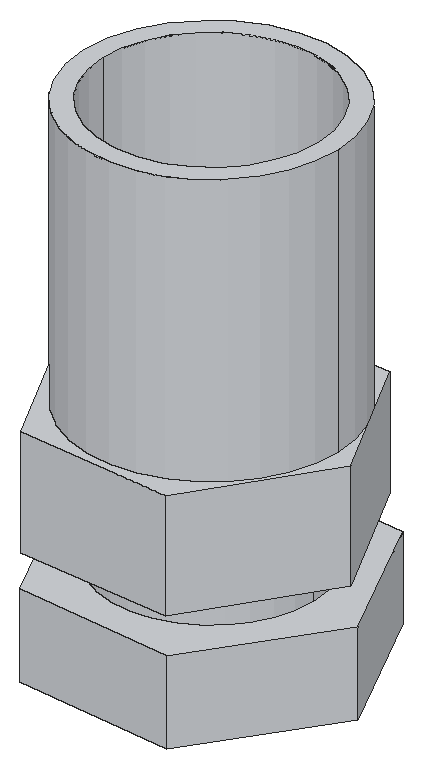
Revit family "PAF20B", category Generic Models, Revit 2017
Family settings
  Can host rebar = No
  Round Connector Dimension = Use Diameter
  Part Type = Normal
  Work Plane-Based = Yes
  Always vertical = No
  Cut with Voids When Loaded = No
  Shared = No
  Room Calculation Point = No
Parameters (values of type "NBS Standard Parameters")
  Weight = "0.0106Kg"
  WarrantyStartDate [instance] = "1900-12-31T23:59:59"
  WarrantyGuarantorParts = "n/a"
  WarrantyGuarantorLabor = "n/a"
  WarrantyDurationUnit = "1 year"
  WarrantyDurationParts = "n/a"
  WarrantyDurationLabor = "n/a"
  WarrantyDescription = "n/a"
  Version = "1"
  Uniclass2 = "Pr_65_70_11_20"
  TagNumber [instance] = "n/a"
  SustainabilityPerformance = "n/a"
  Size = "20mm"
  Shape = "Circular"
  SerialNumber [instance] = "n/a"
  Revision = "n/a"
  ReplacementCost = "n/a"
  ProductInformation = "www.metpro.co.uk/pdf/paf20w.pdf"
  NominalWidth = 66 mm
  NominalLength = 66 mm
  NominalHeight = 50 mm
  Name = ""
  NBSTypeID = ""
  NBSReference = "90-55-10/460"
  NBSOfficeMasterTag = ""
  NBSNote = ""
  NBSDescription = "Conduit Fittings"
  NBSCertification = ""
  ModelReference = "PAF20B"
  ModelNumber = "n/a"
  Material = "Malleable Iron"
  ManufacturerURL = "www.metpro.co.uk"
  ManufacturerName = "Metpro Ltd"
  Keynote = "Manufactured to BS4607 Part 1"
  InstallationDate [instance] = "1900-12-31T23:59:59"
  IfcExportType = ""
  IfcExportAs = ""
  Grade = "n/a"
  Finish = "Black"
  Features = "n/a"
  ExpectedLife = "n/a"
  DurationUnit = "year"
  Description = "PAF20B - 20mm Female Adaptor"
  Default Elevation = 1219.2 mm
  Constituents = "n/a"
  Color = "n/a"
  CodePerformance = "n/a"
  Category = "n/a"
  BarCode [instance] = "n/a"
  BIMObjectName = "Metpro_metprolibrary_conduitfittings_PVCcomponent_accessory"
  Author = "Metpro Ltd"
  AssetType = ""
  AssetIdentifier [instance] = "n/a"
  AccessibilityPerformance = "n/a"
Reference planes
  plane 1 "Center (Front/Back)": y = 0
  plane 2: z = 0
  plane 3 "Center (Left/Right)": x = 0
Forms (mm)
  Extrusion 1, solid
    sketch origin (155.469, -375.553, -542.929) x (0, 1, 0) y (-1, 0, 0)
      loop
        circle (1266.546, -8215.814) r 10
      loop
        circle (1266.546, -8215.814) r 11.75
    from 0.949 to 35
  Extrusion 2, solid
    sketch origin (155.469, -375.553, -542.929) x (0, 1, 0) y (-1, 0, 0)
      loop
        circle (1266.546, -8215.814) r 10
      loop
        line (1266.949, -8201.495) -> (1254.426, -8207.876) -> (1253.69, -8221.912) -> (1265.478, -8229.567) -> (1278.001, -8223.186) -> (1278.737, -8209.15) -> (1266.949, -8201.495)
    from 0 to 10
  Extrusion 3, solid
    sketch origin (155.469, -375.553, -542.929) x (-1, 0, 0) y (0, 1, 0)
      loop
        circle (-8215.814, 1266.546) r 9.491
      loop
        circle (-8215.814, 1266.546) r 5.712
    from -5.273 to 3.707
  Extrusion 4, solid
    sketch origin (155.469, -375.553, -542.929) x (-1, 0, 0) y (0, 1, 0)
      loop
        line (-8222.104, 1253.527) -> (-8207.684, 1254.589) -> (-8201.394, 1267.608) -> (-8209.524, 1279.565) -> (-8223.944, 1278.502) -> (-8230.233, 1265.483) -> (-8222.104, 1253.527)
      loop
        circle (-8215.814, 1266.546) r 5.712
    from 3.147 to 10.807
Dimensions and locks
  aligned and locked: level to plane 2
